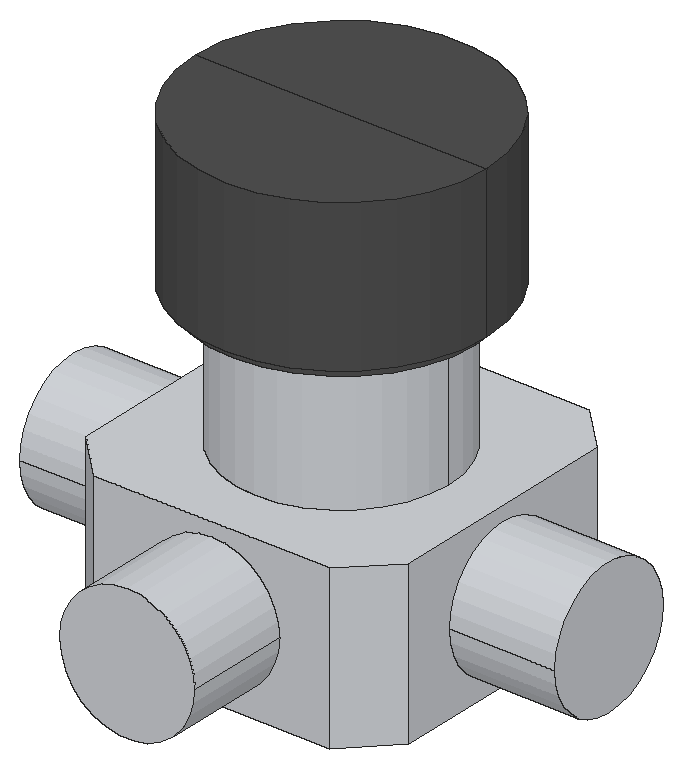
Revit family "Reece_Tap_Milli_Pure_Diverter_Wall Mount", category Plumbing Fixtures, host Face, Revit 2018
Family settings
  Host = Face
  Round Connector Dimension = Use Diameter
  Part Type = Normal
  Cut with Voids When Loaded = No
  Shared = Yes
  Room Calculation Point = Yes
Parameters (values of type "Matte Black")
  WFU = 0  # constant formula
  URL = "https://www.reece.com.au/product/-2299457"
  Type Comments = "Tap"
  Reece_Tap_Inlet = 12 mm  # constant formula
  Reece_Product_Web Page = "https://www.reece.com.au/product/-2299457"
  Reece_Product_Type = "Tap"  # constant formula
  Reece_Product_Sub Brand = "Pure"  # constant formula
  Reece_Product_Number = "2299457"
  Reece_Product_Mount = "Wall Mounted"
  Reece_Product_Description = "Milli Pure Diverter Matte Black"
  Reece_Product_Brand = "Milli"  # constant formula
  Reece_Overall_Width = 54 mm  # constant formula
  Reece_Overall_Height = 30 mm  # constant formula
  Reece_Material-Main = Reece_Brass_Matte Black
  Reece_Detail_Tap_Handle Texture = ""
  Reece_Detail_Installation = ""
  Reece_Detail_Disclaimer = "THIS FILE IS THE PROPERTY OF THE REECE GROUP. IT MAY NOT BE REPRODUCED, REVERSE-ENGINEERED OR MODIFIED. ANY REPUBLICATION, TRANSMISSION OR DISTRIBUTION FOR THE PURPOSE OF COMMERCIALLY EXPLOITING THE FILES IS PROHIBITED."  # constant formula
  Reece_Detail_Connector = ""
  Reece_Detail_Additional = ""
  Model = "Pure"
  Manufacturer = "Milli"
  Keynote = "Product #2299457, Reece_Tap_Milli_Pure_Diverter_Wall Mount - Matte Black"
  HWFU = 0  # constant formula
  Disclaimer = "THIS FILE IS THE PROPERTY OF THE REECE GROUP. IT MAY NOT BE REPRODUCED, REVERSE-ENGINEERED OR MODIFIED. ANY REPUBLICATION, TRANSMISSION OR DISTRIBUTION FOR THE PURPOSE OF COMMERCIALLY EXPLOITING THE FILES IS PROHIBITED."  # constant formula
  Description = "Milli Pure Diverter Matte Black"
  Default Elevation = 1000 mm
  CWFU = 0  # constant formula
Types (7, lengths in mm): name | URL | Reece_Product_Web Page | Reece_Product_Number | Reece_Product_Description | Reece_Material-Main | Keynote | Description
  (no name) | "https://www.reece.com.au/product/-2299459" | "https://www.reece.com.au/product/-2299459" | "2299459" | "Milli Pure Diverter Brushed Gunmetal" | Reece_Brass_Brushed Gunmetal | "Product #2299459, Reece_Tap_Milli_Pure_Diverter_Wall Mount -  " | "Milli Pure Diverter Brushed Gunmetal"
  Brushed Gunmetal | "https://www.reece.com.au/product/-2299459" | "https://www.reece.com.au/product/-2299459" | "2299459" | "Milli Pure Diverter Brushed Gunmetal" | Reece_Brass_Brushed Gunmetal | "Product #2299459, Reece_Tap_Milli_Pure_Diverter_Wall Mount - Brushed Gunmetal" | "Milli Pure Diverter Brushed Gunmetal"
  Chrome | "https://www.reece.com.au/product/-2299456" | "https://www.reece.com.au/product/-2299456" | "2299456" | "Milli Pure Diverter Chrome" | Reece_Brass_Chrome | "Product #2299456, Reece_Tap_Milli_Pure_Diverter_Wall Mount - Chrome" | "Milli Pure Diverter Chrome"
  Matte Black | "https://www.reece.com.au/product/-2299457" | "https://www.reece.com.au/product/-2299457" | "2299457" | "Milli Pure Diverter Matte Black" | Reece_Brass_Matte Black | "Product #2299457, Reece_Tap_Milli_Pure_Diverter_Wall Mount - Matte Black" | "Milli Pure Diverter Matte Black"
  Brushed Nickel | "https://www.reece.com.au/product/-2299600" | "https://www.reece.com.au/product/-2299600" | "2299600" | "Milli Pure Diverter Brushed Nickel" | Reece_Brass_Brushed Nickel | "Product #2299600, Reece_Tap_Milli_Pure_Diverter_Wall Mount - Brushed Nickel" | "Milli Pure Diverter Brushed Nickel"
  PVD Brushed Bronze | "https://www.reece.com.au/product/-9511155" | "https://www.reece.com.au/product/-9511155" | "9511155" | "Milli Pure Diverter PVD Brushed Bronze" | Reece_PVD_Brushed Bronze | "Product #9511155, Reece_Tap_Milli_Pure_Diverter_Wall Mount - PVD Brushed Bronze" | "Milli Pure Diverter PVD Brushed Bronze"
  PVD Brushed Gold | "https://www.reece.com.au/product/-9510970" | "https://www.reece.com.au/product/-9510970" | "9510970" | "Milli Pure Diverter PVD Brushed Gold" | Reece_PVD_Brushed Gold | "Product #9510970, Reece_Tap_Milli_Pure_Diverter_Wall Mount - PVD Brushed Gold" | "Milli Pure Diverter PVD Brushed Gold"
Reference planes
  plane 1 "Center (Front/Back)": y = 0
  plane 2 "Bottom": z = 0
  plane 3 "Center (Left/Right)": x = 0
  plane 4 "Top": z = 30
  plane 5: y = -27
  plane 6: y = 27
Forms (mm)
  Revolve 1, solid, material "Reece_Brass_Matte Black" <- "Reece_Material-Main"
    sketch origin (-50, 0, 0) x (1, 0, 0) y (0, 0, 1)
      loop
        line (77, 30) -> (50, 30) -> (50, 0) -> (75, 0) -> (75, 2) -> (77, 2) -> (77, 30)
      axis (50, 0) -> (50, 30)
    angle from 0 to 360
  Extrusion 2, solid
    sketch origin (-50, 0, 0) x (1, 0, 0) y (0, 1, 0)
      loop
        circle (50, 0) r 20
    from 0 to -25
  Extrusion 3, solid
    sketch origin (-50, 0, 0) x (1, 0, 0) y (0, 1, 0)
      loop
        line (28.147, 30) -> (20, 21.853) -> (20, -21.853) -> (28.147, -30) -> (71.853, -30) -> (80, -21.853) -> (80, 21.853) -> (71.853, 30) -> (28.147, 30)
    from -55 to -25
  Extrusion 4, solid
    sketch origin (-16.5, 50, 0) x (0, -1, 0) y (0, 0, 1)
      loop
        circle (50, -40) r 12.5
    from -66.119 to -46.5
  Extrusion 5, void
    sketch origin (50, 0, 0) x (-1, 0, 0) y (0, -1, 0)
      loop
        circle (50, 0) r 25
    from 0 to -30
  Extrusion 6, solid
    sketch origin (16.5, 50, 0) x (0, -1, 0) y (0, 0, -1)
      loop
        circle (50, 40) r 12.5
    from -66.119 to -46.5
  Extrusion 7, solid
    sketch origin (-50, 16.5, 0) x (1, 0, 0) y (0, 0, -1)
      loop
        circle (50, 40) r 12.5
    from -66.119 to -46.5
Cuts and joins
  Extrusion 5 cuts Extrusion 4
  joined: Extrusion 2, Extrusion 3, Extrusion 4, Extrusion 6, Extrusion 7
Text (mm)
  text "Reece Copyright © 2018, Reece Ltd." at (-1146.244, -273.583, 0), in view "Ref. Level"
  text "Reece ©" at (44.384, 258.95, 192.345), in view "Reece Preview"
Dimensions and locks
  "Reece_Overall_Width": plane 6 to plane 5
  "Reece_Overall_Height": plane 4 "Top" to plane 2 "Bottom"
  aligned and locked: plane 2 "Bottom" to host face
  aligned and locked: level to host face
Automatic sketch dimensions
  host sketch curve to host sketch curve = 380.785 mm
  host sketch curve to host sketch curve = 317.421 mm
  Extrusion 2 sketch curve to Extrusion 2 sketch curve = 0 mm  (x2)
  plane 1 "Center (Front/Back)" to Extrusion 2 sketch curve = 0 mm
  Extrusion 2 sketch curve to plane 3 "Center (Left/Right)" = 0 mm
  Extrusion 2 sketch curve to plane 3 "Center (Left/Right)" = 20 mm
  Extrusion 3 sketch curve to plane 5 = 5.147 mm  (x2)
  Extrusion 3 sketch curve to plane 3 "Center (Left/Right)" = 30 mm
  plane 6 to Extrusion 3 sketch curve = 3 mm
  Extrusion 3 sketch curve to Extrusion 3 sketch curve = 8.147 mm  (x3)
  plane 5 to Extrusion 3 sketch curve = 3 mm
  plane 3 "Center (Left/Right)" to Extrusion 3 sketch curve = 21.853 mm  (x2)
  Extrusion 3 sketch curve to plane 6 = 5.147 mm  (x2)
  Extrusion 4 sketch curve to plane 1 "Center (Front/Back)" = 0 mm
  Extrusion 4 sketch curve to level = 40 mm
  Extrusion 5 sketch curve to Extrusion 5 sketch curve = 0 mm  (x2)
  plane 1 "Center (Front/Back)" to Extrusion 5 sketch curve = 0 mm
  Extrusion 5 sketch curve to plane 3 "Center (Left/Right)" = 0 mm
  Extrusion 5 sketch curve to Extrusion 5 sketch curve = 25 mm
  Extrusion 6 sketch curve to plane 1 "Center (Front/Back)" = 0 mm
  Extrusion 6 sketch curve to level = 40 mm
  Extrusion 7 sketch curve to plane 3 "Center (Left/Right)" = 0 mm
  Extrusion 7 sketch curve to level = 40 mm
  Revolve 1 sketch curve to plane 3 "Center (Left/Right)" = 0 mm  (x2)
  Revolve 1 sketch curve to level = 0 mm
  Revolve 1 sketch curve to plane 4 "Top" = 0 mm  (x2)
  level to Revolve 1 sketch curve = 2 mm
  plane 3 "Center (Left/Right)" to Revolve 1 sketch curve = 25 mm
  Revolve 1 sketch curve to Revolve 1 sketch curve = 2 mm
  Revolve 1 sketch curve to Revolve 1 sketch curve = 10 mm
  radius of Extrusion 4 sketch curve = 12.5 mm
  radius of Extrusion 6 sketch curve = 12.5 mm
  radius of Extrusion 7 sketch curve = 12.5 mm
Connectors
  piping at (49.619, 0, -40), diameter 12, driven by "Reece_Tap_Inlet"
    settings: on cut or joined group of Extrusion 2, Extrusion 3, Extrusion 4, Extrusion 5, Extrusion 6, Extrusion 7, index 2, connector inside diameter 609.6 mm, connector length 0 mm, flow factor 0, pipe flow 0.0 L/s, pressure drop 0.0 Pa, fitting loss kfactor 0, connector angle 0.00°, fixture units 0, engagement length 0 mm, angle of deflection 0.00°, flow configuration 0, flow direction 2, fitting loss method 0, system type 29, joint type 0, gender type 0, connector reference index -1, connector utility 0, adjustable connector no, is connector primary yes, connector description ""
  piping at (-49.619, 0, -40), diameter 12, driven by "Reece_Tap_Inlet"
    settings: on Extrusion 6, index 3, connector inside diameter 609.6 mm, connector length 0 mm, flow factor 0, pipe flow 0.0 L/s, pressure drop 0.0 Pa, fitting loss kfactor 0, connector angle 0.00°, fixture units 0, engagement length 0 mm, angle of deflection 0.00°, flow configuration 0, flow direction 2, fitting loss method 0, system type 29, joint type 0, gender type 0, connector reference index -1, connector utility 0, adjustable connector no, is connector primary no, connector description ""
  piping at (0, -49.619, -40), diameter 12, driven by "Reece_Tap_Inlet"
    settings: on Extrusion 7, index 4, connector inside diameter 609.6 mm, connector length 0 mm, flow factor 0, pipe flow 0.0 L/s, pressure drop 0.0 Pa, fitting loss kfactor 0, connector angle 0.00°, fixture units 0, engagement length 0 mm, angle of deflection 0.00°, flow configuration 0, flow direction 1, fitting loss method 0, system type 29, joint type 0, gender type 0, connector reference index -1, connector utility 0, adjustable connector no, is connector primary no, connector description ""
